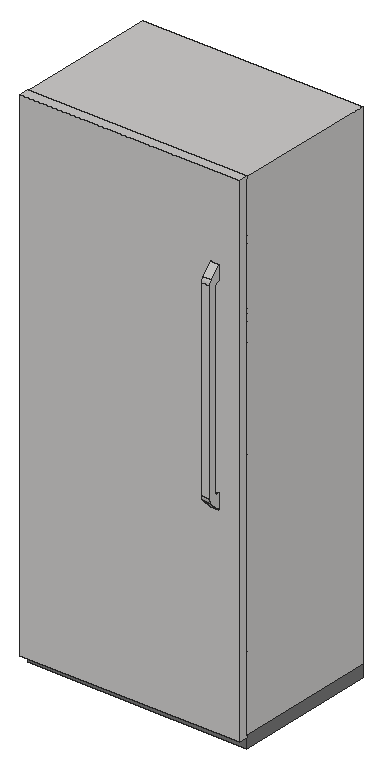
Revit family "DRZ36980LAP", category Specialty Equipment, Revit 2014
Parameters (values of type "DRZ36980LAP")
  Width = 35 3/4"
  Volts (V) = "115"
  Unit = Stainless Steel
  Total Unit Gross Capacity (cu.ft.) - AHAM = "21.4 cu. ft."
  Support = Plastic-Black
  Special Modes = "Sabbath Mode"
  Shelf Material = "Tempered, Metal Trim, Spill-Proof"
  Refrigerator Gross Capacity (cu.ft.) = "21.4 cu. ft."
  Push-To-Open™ Door Assist = "Yes"
  Precise Cooling = "Yes"
  Power Freeze = "Yes"
  Power Cord Length (in.) = "78 3/4\""
  Plug Type = "120 V, 3 Prong"
  Panel Ready = "Yes"
  Model = "DRZ36980LAP"
  Manufacturer = "Dacor"
  Lighting = "3DLighting™"
  Interior Material = "SteelCool™ Stainless Steel Interior"
  Ice Maker = "Dual Icemaker for Standard and Cocktail Ice™"
  Hidden Compartment with Flip-up cover = "1 ea"
  Height = 83 3/8"
  Handle = Stainless Steel
  Full Width Shelves = "3 ea"
  Full Extension Drawers at 90º Door Opening Angle = "Yes"
  Frequency (Hz) = "60"
  Freezer Drawer = "2 ea"
  Freezer - Power Freeze = "-8° (-23°)"
  Freezer = "5°(-15°) to -8° (-23°)"
  ENERGY STAR® Qualified = "Yes"
  Door Swing = "Left"
  Door Open Alarm = "Yes"
  Door Bins = "4 ea"
  Door = Stainless Steel
  Description = "36-INCH FREEZER COLUMN, LEFT-HINGE"
  Depth = 25"
  Defrost Process = "Frost-Free"
  Dedicated Evaporator & Compressor System = "Yes"
  Current (A) = "3"
  Annual Energy Consumption = "580 kWy/year"
Reference planes (in)
  plane 1 "Center (Front/Back)": y = 0
  plane 2: z = 0
  plane 3 "Center (Left/Right)": x = 0
  plane 4: y = 12.5
  plane 5: y = -12.5
  plane 6: x = -17.875
  plane 7: x = 17.875
  plane 8: z = 83.375
  plane 9: z = 2
  plane 10: y = -14.375
  plane 11: y = -11
Forms (in)
  Extrusion 1, solid, material "Stainless Steel" <- "Unit"
    sketch origin (0, 0, 0) x (1, 0, 0) y (0, 1, 0)
      loop
        line (-17.875, -11) -> (-16.875, -11) -> (-16.875, 11.375) -> (16.875, 11.375) -> (16.875, -11) -> (17.875, -11) -> (17.875, 12.5) -> (-17.875, 12.5) -> (-17.875, -11)
    from 2 to 83.375
  Extrusion 2, solid, material "Stainless Steel" <- "Handle"
    sketch origin (0, 0, 0) x (1, 0, 0) y (0, 0, 1)
      loop
        line (-17.875, 1.57503) -> (17.875, 1.57503) -> (17.875, 83.5) -> (-17.875, 83.5) -> (-17.875, 1.57503)
    from 11 to 12.5
  Extrusion 3, solid, material "Plastic-Black" <- "Support"
    sketch origin (0, 0, 0) x (0, 1, 0) y (0, 0, 1)
      loop
        line (12.5, 2) -> (-11, 2) -> (-11, 0) -> (12.5, 0) -> (12.5, 2)
    from -17.875 to 17.875
  Extrusion 4, solid, material "Stainless Steel" <- "Unit"
    sketch origin (0, 0, 83.375) x (1, 0, 0) y (0, 1, 0)
      loop
        line (-16.875, 11.375) -> (-16.875, -11) -> (16.875, -11) -> (16.875, 11.375) -> (-16.875, 11.375)
    from 0 to -1.14126
  Extrusion 5, solid, material "Stainless Steel" <- "Handle"
    sketch origin (0, 0, 0) x (0, 1, 0) y (0, 0, -1)
      loop
        line (-12.5, -70.125) -> (-12.5, -67.65625) -> (-12.96875, -67.65625) -> (-13.4375, -67.1875) -> (-13.4375, -64.9375) -> (-14.375, -64.9375) -> (-14.375, -67.83579)
        arc (-14.375, -67.83579) -> (-14.29888, -68.21847) -> (-14.08211, -68.54289) r 1
        line (-14.08211, -68.54289) -> (-12.5, -70.125)
    from -14.55491 to -13.21363
  Extrusion 6, solid, material "Stainless Steel" <- "Handle"
    sketch origin (0, 0, 104.5) x (0, 1, 0) y (0, 0, -1)
      loop
        line (-12.5, 70.25) -> (-14.00888, 68.74112)
        arc (-14.00888, 68.74112) -> (-14.27985, 68.33559) -> (-14.375, 67.85723) r 1.25
        line (-14.375, 67.85723) -> (-14.375, 65.0625) -> (-13.4375, 65.0625) -> (-13.4375, 67.3125) -> (-12.96875, 67.78125) -> (-12.5, 67.78125) -> (-12.5, 70.25)
    from -14.55491 to -13.21363
  Extrusion 7, solid, material "Stainless Steel" <- "Handle"
    sketch origin (-1.25, 0, 0) x (-1, 0, 0) y (0, -1, 0)
      loop
        line (-15.80491, 13.4375) -> (-14.46363, 13.4375) -> (-14.46363, 14.375) -> (-15.80491, 14.375) -> (-15.80491, 13.4375)
    from 65.0625 to 39.4375
Cuts and joins
  joined: Extrusion 1, Extrusion 4
  joined: Extrusion 5, Extrusion 6, Extrusion 7
Dimensions and locks (in)
  equal spacing: plane 6, plane 3 "Center (Left/Right)", plane 7
  "Width": plane 6 to plane 7
  equal spacing: plane 4, plane 1 "Center (Front/Back)", plane 5
  "Depth": plane 4 to plane 5
  "Height": plane 8 to plane 2
  plane 9 to plane 2 = 2"
  plane 5 to plane 10 = 1 7/8"
  plane 11 to plane 5 = 1 1/2"
  Extrusion 3 to Extrusion 3 = 35 3/4"
  Extrusion 2 to Extrusion 3 = 25"
  Extrusion 3 to cut or joined group of Extrusion 1, Extrusion 4 = 83 3/8"
  aligned and locked: level to plane 2
  aligned and locked: Extrusion 3 to plane 6
  aligned and locked: plane 7 to Extrusion 3
Automatic sketch dimensions
  Extrusion 1 sketch curve to plane 6 = 0"
  Extrusion 1 sketch curve to plane 11 = 0"  (x2)
  Extrusion 1 sketch curve to plane 7 = 0"
  Extrusion 1 sketch curve to plane 4 = 0"
  Extrusion 1 sketch curve to Extrusion 1 sketch curve = 1"
  Extrusion 1 sketch curve to plane 7 = 1"
  Extrusion 1 sketch curve to plane 4 = 1 1/8"
  Extrusion 2 sketch curve to plane 6 = 0"
  Extrusion 2 sketch curve to plane 7 = 0"
  Extrusion 2 sketch curve to plane 9 = 0.42497"
  plane 8 to Extrusion 2 sketch curve = 1/8"
  Extrusion 3 sketch curve to plane 9 = 0"
  Extrusion 3 sketch curve to plane 11 = 0"
  Extrusion 3 sketch curve to level = 0"
  Extrusion 3 sketch curve to plane 4 = 0"
  Extrusion 1 to Extrusion 4 sketch curve = 0"  (x2)
  Extrusion 4 sketch curve to Extrusion 1 = 0"  (x2)
  Extrusion 5 sketch curve to plane 10 = 0"
  Extrusion 5 sketch curve to plane 5 = 0"
  Extrusion 5 sketch curve to plane 10 = 0.29289"
  Extrusion 5 sketch curve to plane 5 = 15/16"
  Extrusion 5 sketch curve to Extrusion 5 sketch curve = 1/16"
  Extrusion 5 sketch curve to Extrusion 5 sketch curve = 13/32"
  Extrusion 5 sketch curve to plane 8 = 13 1/4"
  Extrusion 5 sketch curve to Extrusion 5 sketch curve = 1.58211"
  Extrusion 5 sketch curve to Extrusion 5 sketch curve = 0.17954"
  Extrusion 5 sketch curve to Extrusion 5 sketch curve = 0.64829"
  Extrusion 5 sketch curve to Extrusion 5 sketch curve = 2 1/4"
  Extrusion 6 sketch curve to plane 10 = 0"
  Extrusion 6 sketch curve to plane 5 = 0"
  Extrusion 6 sketch curve to plane 10 = 0.36612"
  Extrusion 6 sketch curve to plane 5 = 15/16"
  Extrusion 6 sketch curve to plane 5 = 5/8"
  Extrusion 6 sketch curve to Extrusion 6 sketch curve = 5/32"
  plane 9 to Extrusion 6 sketch curve = 37 7/16"
  Extrusion 6 sketch curve to Extrusion 6 sketch curve = 2 1/4"
  Extrusion 6 sketch curve to Extrusion 6 sketch curve = 15/32"
  Extrusion 6 sketch curve to Extrusion 6 sketch curve = 0.54473"
  Extrusion 6 sketch curve to Extrusion 6 sketch curve = 1.50888"
  plane 10 to Extrusion 7 sketch curve = 0"
  plane 7 to Extrusion 7 sketch curve = 3.32009"
  Extrusion 7 sketch curve to Extrusion 7 sketch curve = 1.34127"
  plane 5 to Extrusion 7 sketch curve = 15/16"
